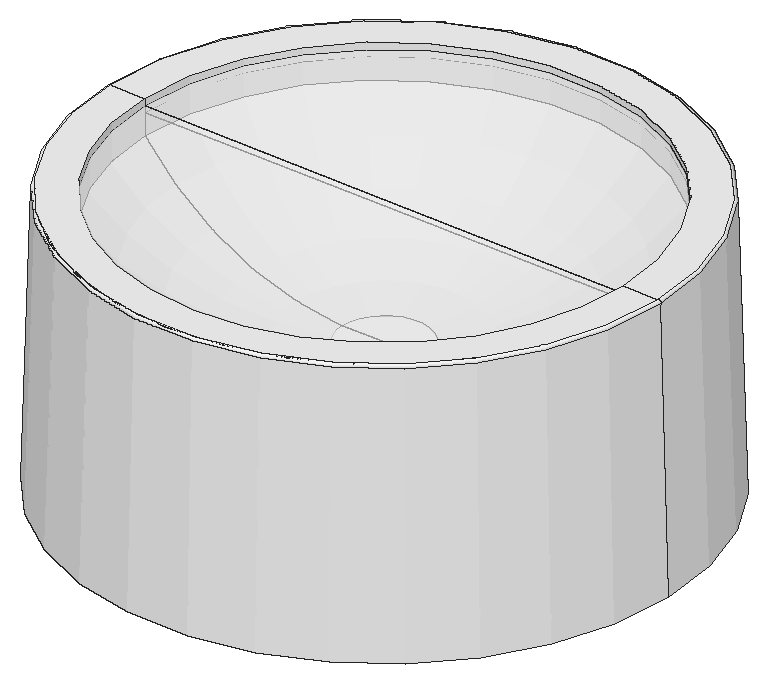
Revit family "0030318", category Lighting Fixtures, host Face, Revit 2016
Family settings
  Host = Face
  Part Type = Normal
  Round Connector Dimension = Use Diameter
  OmniClass Number = 23.80.70.00
  OmniClass Title = Lighting
  Cut with Voids When Loaded = No
  Light Source = Yes
  Shared = No
  Room Calculation Point = No
Parameters (values of type "0030318 Insaver Slim UGR19 220 2300lm 830 Srfc")
  WidthBezel_SYL = 20 mm
  Weight = "9.04 kg"
  Wattage Comments = ""
  Wattage = 20 W
  WarrantyStartDate [instance] = "n/a"
  WarrantyGuarantorParts = "n/a"
  WarrantyDurationUnit = "n/a"
  WarrantyDurationParts = "n/a"
  WarrantyDescription = "n/a"
  built-in parameter 1150110 = 1 (stored number, unit not read)
  Voltage = 230 V
  URL = "http://www.sylvania-lighting.com"
  TypeName = "Insaver Slim UGR19 220 2300lm 830 Surface"
  Type Image = <None>
  Type Comments = "n/a"
  built-in parameter 1114217 = 1 (stored number, unit not read)
  Tilt Angle = -90.00°
  Thickness_SYL = 2.5 mm
  built-in parameter 1150109 = 1 (stored number, unit not read)
  built-in parameter 1150134 = (empty or 0)
  built-in parameter 1150113 = 1 (stored number, unit not read)
  Size1_SYL = no
  SerialNumber [instance] = "n/a"
  RadiusTop_SYL = 6 mm
  RadiusSleeveTop_SYL = if(Size1_SYL, 85.5 mm, 107 mm)  # 107 mm
  RadiusSleeveBottom_SYL = if(Size1_SYL, 77.5 mm, 104 mm)  # 104 mm
  RadiusReflector_SYL = if(Size1_SYL, 85 mm, 100 mm)  # 100 mm
  Photometric Web File = "0030318.ies"
  Material_3_FEILO = Top-Sylvania-STARTDownlight
  PowerFactor = 0.9
  PowerConsumption = "20 W"
  NominalLength = 220 mm
  NominalHeight = 95 mm
  NominalDepth = 220 mm
  Name = "Insaver Slim UGR19 220 2300lm 830 Surface"
  ModelReference = Name  # "Insaver Slim UGR19 220 2300lm 830 Surface"
  ModelNumber = "0030318"
  Model = Name  # "Insaver Slim UGR19 220 2300lm 830 Surface"
  Material = "aluminium housing, na diffuser"
  ManufacturerName = "Feilo Sylvania"
  Manufacturer = "Feilo Sylvania"
  LuminousEfficacy = "115 lm/W"
  built-in parameter 1150105 = 183.03 (stored number, unit not read)
  Lumens = 2300 lm
  LuminaireType = ""
  built-in parameter 1150115 = 1 (stored number, unit not read)
  LightOutputRatio = "n/a"
  built-in parameter 1150137 = (empty or 0)
  built-in parameter 1150139 = (empty or 0)
  LampsType = Lamp  # "LED"
  LampNominalLuminous = "2300 lm"
  LampMacAdamStep = "5"
  LampColourTemperature = "3000 K"
  LampColourRenderingIndex = "80"
  built-in parameter 1150112 = 1 (stored number, unit not read)
  built-in parameter 1150114 = 1 (stored number, unit not read)
  Lamp = "LED"
  Keynote = "16500"
  InstallationDate [instance] = "n/a"
  InputVoltage = "AC 220-240 V"
  InputNominalFrequency = "50/60 Hz"
  built-in parameter 1150132 = (empty or 0)
  built-in parameter 1150102 = (empty or 0)
  built-in parameter 1150107 = 3000 (stored number, unit not read)
  built-in parameter 1150138 = (empty or 0)
  IngressProtection = "IP20"
  ImpactProtectionIndex = "IK07"
  built-in parameter 1150106 = 1.8303 (stored number, unit not read)
  IfcExportType = "IfcLightFixtureType"
  IfcExportAs = "IfcLightFixtureType"
  Height_SYL = if(Size1_SYL, 61 mm, 61 mm)  # 61 mm
  HeightBezel_SYL = if(Size1_SYL, 3 mm, 3.2 mm)  # 3.2 mm
  ExpectedLife = 50000
  Emit from Circle Diameter = Diameter_SYL - 40 mm  # 180 mm
  Emit Shape Visible in Rendering = no
  ElectricShockClassification = "Class II"
  built-in parameter 1150104 = 10.684 (stored number, unit not read)
  DurationUnit = "hours"
  DocumentationLiterature = "http://www.sylvania-lighting.com/product/en-int/products/0030318"
  DimmingControlOptions = "n/a"
  Material_2_FEILO = Diffuser-Sylvania-STARTDownlight
  Dimming Lamp Color Temperature Shift = <None>
  Diameter_SYL = if(Size1_SYL, 165 mm, 220 mm)  # 220 mm
  DiameterTop_SYL = if(Size1_SYL, 98 mm, 135 mm)  # 135 mm
  DiameterTopBase_SYL = DiameterRecess_SYL  # 200 mm
  DiameterRecess_SYL = if(Size1_SYL, 150 mm, 200 mm)  # 200 mm
  Description = ""
  Default Elevation = 1219.2 mm
  CreatedOn = "3/18/2019"
  CreatedBy = "@sylvania-lighting.com"
  Cost = 0
  Color Filter = 16777215
  built-in parameter 1114216 [instance] = (empty or 0)
  ClassificationValue = "EF_70_80"
  ClassificationName = "Uniclass2015"
  Material_1_FEILO = Trim-Sylvania-STARTDownlight-White
  BarCode [instance] = "n/a"
  built-in parameter 1114218 = 1 (stored number, unit not read)
  built-in parameter 1150133 = 10 (stored number, unit not read)
  AssetType = "Fixed"
  AssetIdentifier [instance] = "n/a"
  Assembly Code = "D5020200"
  Apparent Load = 20 VA
  Material_4_FEILO = LED-Sylvania-STARTDownlight
Reference planes
  plane 1 "Center (Front/Back)": y = 0
  plane 2: z = 94
  plane 3 "Center (Left/Right)": x = 0
  plane 4: x = 110
  plane 5: x = -110
  plane 6: z = 97.2
  plane 7: z = 86
  plane 8: z = 36.2
  plane 9: x = -67.5
  plane 10: x = 67.5
  plane 11: z = 0
  plane 12: x = -90
  plane 13: z = 96.2
  plane 14: z = 48.2
  plane 15: x = -16
  plane 16: x = -99.5
  plane 17: x = -100
  plane 18: x = 100
  plane 19: z = 99.2
  plane 20: x = -104
  plane 21: z = 98.7
  plane 22: x = -107
  plane 23: x = -104.5
Forms (mm)
  Revolve 1, solid, material "Trim-Sylvania-STARTDownlight-White" <- "Material_1_FEILO"
    sketch origin (0, 0, 0) x (1, 0, 0) y (0, 0, 1)
      loop
        line (-90, 96.2) -> (-100, 96.2) -> (-100, 86) -> (-69.181, 39.432)
        arc (-69.181, 39.432) -> (-66.971, 37.071) -> (-63.857, 36.2) r 6
        line (-63.857, 36.2) -> (0, 36.2) -> (0, 48.2) -> (-16, 48.2)
        arc (-16, 48.2) -> (-57.112, 59.05) -> (-90, 86) r 100
        line (-90, 86) -> (-90, 96.2)
      axis (0, 96.2) -> (0, 36.2)
    angle from 360 to 0
  Revolve 2, solid, material "Diffuser-Sylvania-STARTDownlight" <- "Material_2_FEILO"
    sketch origin (0, 0, 0) x (1, 0, 0) y (0, 0, 1)
      loop
        line (-90, 94) -> (0, 94) -> (0, 96.2) -> (-90, 96.2) -> (-90, 94)
      axis (0, 96.2) -> (0, 94)
    angle from 360 to 0
  Revolve 3, solid, material "Trim-Sylvania-STARTDownlight-White" <- "Material_1_FEILO"
    sketch origin (0, 0, 0) x (1, 0, 0) y (0, 0, 1)
      loop
        line (-90, 96.2) -> (-90, 98.7) -> (-103.03, 98.7)
        arc (-103.03, 98.7) -> (-103.726, 98.418) -> (-104.029, 97.73) r 1
        line (-104.029, 97.73) -> (-107, 0) -> (-104.5, 0) -> (-100.203, 96.2) -> (-90, 96.2)
      axis (0, 98.7) -> (0, 0)
    angle from 360 to 0
Dimensions and locks
  equal spacing: plane 4, plane 3 "Center (Left/Right)", plane 5
  "Diameter_SYL": plane 4 to plane 5
  equal spacing: plane 10, plane 3 "Center (Left/Right)", plane 9
  "DiameterTop_SYL": plane 10 to plane 9
  "HeightBezel_SYL": plane 6 to plane 2
  "Height_SYL": plane 6 to plane 8
  locked: plane 2 to plane 7 at 8
  locked: plane 2 to plane 11 at 94
  "WidthBezel_SYL": plane 12 to plane 5
  locked: plane 6 to plane 13 at 1
  locked: plane 3 "Center (Left/Right)" to plane 15 at 16
  locked: plane 14 to plane 8 at 12
  equal spacing: plane 18, plane 3 "Center (Left/Right)", plane 17
  "DiameterRecess_SYL": plane 17 to plane 18
  locked: plane 19 to plane 6 at 2
  "RadiusSleeveBottom_SYL": plane 3 "Center (Left/Right)" to plane 20
  "Thickness_SYL": plane 21 to plane 13
  "RadiusSleeveTop_SYL": plane 3 "Center (Left/Right)" to plane 22
  "Thickness_SYL": plane 22 to plane 23
  "RadiusReflector_SYL": radius of Revolve 1 sketch curve
  "RadiusTop_SYL": radius of Revolve 1 sketch curve
  aligned and locked: level to host face
  aligned and locked: plane 3 "Center (Left/Right)" to imposter light
  aligned and locked: imposter light to plane 13
  aligned and locked: imposter light to plane 1 "Center (Front/Back)"
  aligned and locked: Revolve 1 sketch curve to plane 3 "Center (Left/Right)"
  aligned and locked: plane 7 to Revolve 1 sketch curve  (x2)
  aligned and locked: plane 8 to Revolve 1 sketch curve
  aligned and locked: Revolve 1 sketch curve to plane 12
  aligned and locked: plane 3 "Center (Left/Right)" to Revolve 1 sketch curve
  aligned and locked: Revolve 1 sketch curve to plane 14
  aligned and locked: Revolve 2 sketch curve to plane 3 "Center (Left/Right)"
  aligned and locked: imposter light to Revolve 2 sketch curve  (x2)
  aligned and locked: plane 17 to Revolve 1 sketch curve
  aligned and locked: Revolve 2 sketch curve to plane 2
  aligned and locked: Revolve 1 sketch curve to plane 13
  aligned and locked: Revolve 3 sketch curve to plane 3 "Center (Left/Right)"
  aligned and locked: Revolve 1 to Revolve 3 sketch curve
  aligned and locked: Revolve 3 sketch curve to Revolve 1
  aligned and locked: Revolve 3 sketch curve to plane 21
  aligned and locked: plane 11 to Revolve 3 sketch curve
  aligned and locked: plane 13 to Revolve 3 sketch curve
Automatic sketch dimensions
  host sketch curve to host sketch curve = 2438.4 mm  (x2)
  Revolve 2 sketch curve to plane 12 = 0 mm
  Revolve 2 sketch curve to level = 472.1 mm
  Revolve 2 sketch curve to plane 6 = 2606.058 mm
  Revolve 1 sketch curve to plane 15 = 0 mm
  Revolve 1 sketch curve to plane 9 = 1.681 mm
  plane 9 to Revolve 1 sketch curve = 3.643 mm
  Revolve 1 sketch curve to level = 472.1 mm
  Revolve 1 sketch curve to Revolve 1 sketch curve = 2577.983 mm
  plane 22 to Revolve 3 sketch curve = 0 mm
  plane 23 to Revolve 3 sketch curve = 0 mm
  plane 20 to Revolve 3 sketch curve = 0.029 mm
  Revolve 3 sketch curve to plane 6 = 0.5 mm
  Revolve 3 sketch curve to Revolve 3 sketch curve = 1 mm
  plane 17 to Revolve 3 sketch curve = 0.203 mm
  Revolve 3 sketch curve to level = 609.6 mm
  Revolve 3 sketch curve to plane 19 = 2466.558 mm
Connectors
  electrical at (0, 0, 0), driven by "Apparent Load", driven by "PowerFactor", driven by "Voltage"
    settings: index 1, voltage 230 V, apparent load 20 VA, apparent load phase1 0 VA, apparent load phase2 0 VA, apparent load phase3 0 VA, power factor 0.9, load classification "Lighting", number of poles 1, system type 30, power factor state 1, is connector primary yes, connector utility no, sub classification motor no, connector description ""
